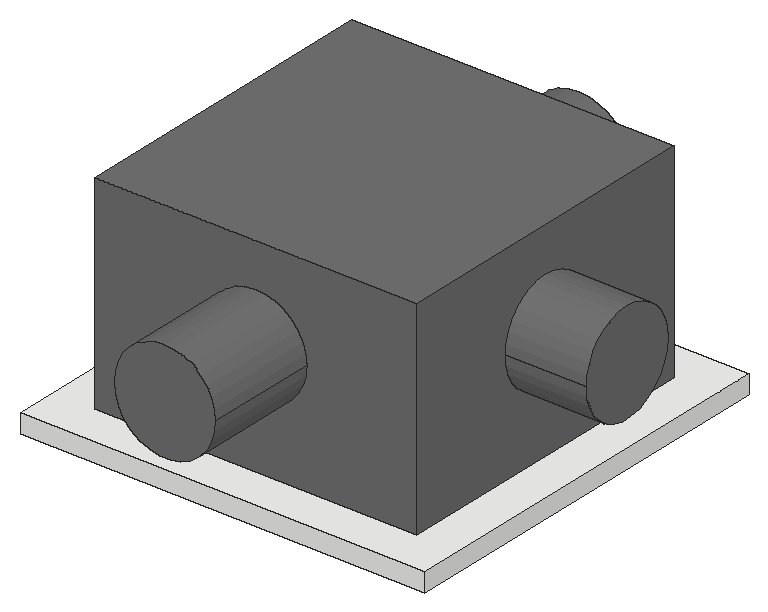
Revit family "vd-15_18zfvc7_50Hz", category 機械設備, Revit 2019
Family settings
  丸型コネクタ寸法 = 直径を使用
  パーツ タイプ = 標準
  OmniClass 番号 = 23.75.35.17.27
  OmniClass タイトル = Centrifugal Fans
  作業面ベース = いいえ
  常に垂直 = はい
  ロード時にボイドで切り取り = いいえ
  共有 = いいえ
  部屋計算ポイント = はい
Parameters (values of type "VD-18ZFVC7")
  騒音レベル(dB(A)) [instance] = 43
  風量 [instance] = 320.0 m³/h
  電源種別 [instance] = ""
  電圧 = 100 V
  電動機出力 = 0 W
  電動機_種別 [instance] = ""
  運転質量 = 0.00 kg
  連動 [instance] = ""
  質量 = if(製品質量 > 運転質量, 製品質量, 運転質量) * 1.2  # 4.44 kg
  負荷分類 = 3_ファン類
  説明 = "ダクト用換気扇 2～3部屋換気用 低騒音形 24時間換気機能付 定風量タイプ"
  設計風量 [instance] = 0.0 m³/h
  設置方法 = "天埋"
  記号 [instance] = ""
  製造元 = "三菱電機株式会社"
  製品質量 = 3.70 kg
  製品出荷対象 = "国内"
  製品リリース年月 = "2024年6月3日"
  製品グループ = ""
  系統 [instance] = ""
  符号 [instance] = if(☑給気／□排気, "FS", "FE")  # "FE"
  積算_科目 = "2 換気設備"
  積算_拾い区分 [instance] = ""
  相 = 1
  盤記号 [instance] = ""
  発停方法 [instance] = ""
  特殊仕様 [instance] = ""
  火災停止 [instance] = ""
  消費電力 = 31 W
  法定耐用年数 = "15"
  機外静圧 [instance] = 0.0 Pa
  極数 = 2
  材質 [instance] = ""
  操作・制御方式 = ""
  操作・制御スイッチ = ""
  排気量 [instance] = if(☑給気／□排気, 0.0 m³/h, 設計風量)  # 0.0 m³/h
  形式 = "天井埋込ダクト形"
  幹線記号 [instance] = ""
  対象室 [instance] = ""
  実風量 [instance] = 0.0 m³/h
  始動方式 [instance] = "直入"
  外気量 [instance] = if(☑給気／□排気, 設計風量, 0.0 m³/h)  # 0.0 m³/h
  呼称 = "天井扇"
  周波数 = 50 Hz
  参照している仕様書等のバージョン = ""
  分類コード = "50052503100030"
  分類グループ = ""
  価格 = 77100
  企業コード = "108420"
  付属品_防振装置 = ""
  付属品 [instance] = ""
  仕様書バージョン = "Version1.0"
  モデル = "VD-18ZFVC7"
  マテリアル = 合成樹脂(黒)
  ファンの種類 = ""
  ダクト径 = 100 mm
  コメント [instance] = ""
  Keynote = ""
  カバーマテリアル = 合成樹脂(白)
  ☑給気／□排気 [instance] = no
  Width = 310 mm
  W1 = 390 mm
  Version = ""
  Uniclass2015Version = "Systems v1.9"
  Uniclass2015Title = "Centrifugal fans"
  Uniclass2015Code = "Pr_65_67_29_12"
  URL = "https://www.mitsubishielectric.co.jp/ldg/wink/qr/002/333650/"
  SpecificationReference = ""
  SpecificationDescription = ""
  Revision = ""
  RAダクト接続口_3 = no
  RAダクト接続口_2 = yes
  RAダクト接続口_1 = yes
  RAサイズ_D = 98 mm
  RA_Duct_Height = 109 mm
  RA_Duct_Depth = 79 mm
  ProductInformation = ""
  OmniClassCode = "23-33 31 19 11 15"
  MIN風量 = 100.0 m³/h
  MIN静圧 = 100.0 Pa
  MID風量 = 180.0 m³/h
  MID静圧 = 160.0 Pa
  MAX風量 = 320.0 m³/h
  MAX静圧 = 0.0 Pa
  IfcTypeProduct = ""
  IfcProduct = ""
  IfcExportType = "PROPELLORAXIAL"
  IfcExportAs = "IfcFanType"
  Height = 200 mm
  H1 = 18 mm
  EAサイズ_D = 98 mm
  EA_Duct_Height = 109 mm
  EA_Duct_Depth = 109 mm
  Duct_Height = 111 mm
  Duct_Depth = 114 mm
  Duct_Center = 0 mm
  Depth = 310 mm
  D1 = 390 mm
  Box_Width = 24.336 mm
  Box_W = 104.664 mm
  Box_Height = 87 mm
  Box_H = 41.608 mm
  Author = "三菱電機株式会社"
Types (2, lengths in mm): name | 騒音レベル(dB(A)) | 風量 | 質量 | 説明 | 製品質量 | 消費電力 | 価格 | モデル | Width | W1 | URL | RAダクト接続口_2 | MIN風量 | MIN静圧 | MID風量 | MID静圧 | MAX風量 | Depth | D1
  VD-15ZFVC7 | 44 | 280.0 m³/h | 3.24 kg | "ダクト用換気扇 2部屋換気用 低騒音形 24時間換気機能付 定風量タイプ" | 2.70 kg | 26 W | 54200 | "VD-15ZFVC7" | 254 | 330 | "https://www.mitsubishielectric.co.jp/ldg/wink/qr/002/333615/" | no | 85.0 m³/h | 80.0 Pa | 160.0 m³/h | 130.0 Pa | 280.0 m³/h | 254 | 330
  VD-18ZFVC7 | 43 | 320.0 m³/h | 4.44 kg | "ダクト用換気扇 2～3部屋換気用 低騒音形 24時間換気機能付 定風量タイプ" | 3.70 kg | 31 W | 77100 | "VD-18ZFVC7" | 310 | 390 | "https://www.mitsubishielectric.co.jp/ldg/wink/qr/002/333650/" | yes | 100.0 m³/h | 100.0 Pa | 180.0 m³/h | 160.0 Pa | 320.0 m³/h | 310 | 390
Reference planes
  plane 1 "中心(正面/背面)": y = 0
  plane 2: z = 0
  plane 3 "中心(左/右)": x = 0
  plane 4: x = -195
  plane 5: x = 195
  plane 6: y = 195
  plane 7: y = -195
  plane 8: x = -155
  plane 9: x = 155
  plane 10: y = 155
  plane 11: y = -155
  plane 12: y = -264
  plane 13: z = 200
  plane 14: z = -18
  plane 15: z = 109
  plane 16: x = 0
  plane 17: y = 234
  plane 18: z = 109
  plane 19: x = 234
  plane 20: x = -234
  plane 21: z = 109
  plane 22: x = 104.664
  plane 23: x = 80.327
  plane 24: z = 23.608
  plane 25: z = 110.608
Forms (mm)
  Extrusion 1, solid, material "合成樹脂(黒)" <- "マテリアル", detail levels fine
    sketch origin (0, 0, 0) x (1, 0, 0) y (0, 1, 0)
      loop
        line (-155, 155) -> (-155, -155) -> (155, -155) -> (155, 155) -> (-155, 155)
    from 0 to 200
  Extrusion 2, solid, material "合成樹脂(白)" <- "カバーマテリアル", detail levels fine
    sketch origin (0, 0, 0) x (1, 0, 0) y (0, 1, 0)
      loop
        line (-195, 195) -> (-195, -195) -> (195, -195) -> (195, 195) -> (-195, 195)
    from 0 to -18
  Extrusion 3, solid, material "合成樹脂(黒)" <- "マテリアル", detail levels fine
    sketch origin (0, 0, 0) x (1, 0, 0) y (0, 0, 1)
      loop
        circle (0, 109) r 49
    from 155 to 264
  Extrusion 4, solid, material "合成樹脂(黒)" <- "マテリアル", visible <- "RAダクト接続口_1", detail levels fine
    sketch origin (1.655, 0, 0) x (1, 0, 0) y (0, 0, 1)
      loop
        circle (-1.655, 109) r 49
    from -234 to -155
  Extrusion 5, solid, material "合成樹脂(黒)" <- "マテリアル", visible <- "RAダクト接続口_3", detail levels fine
    sketch origin (0, 0, 0) x (0, 1, 0) y (0, 0, 1)
      loop
        circle (0, 109) r 49
    from -234 to -155
  Extrusion 6, solid, material "合成樹脂(黒)" <- "マテリアル", visible <- "RAダクト接続口_2", detail levels fine
    sketch origin (0, 0, 0) x (0, 1, 0) y (0, 0, 1)
      loop
        circle (0, 109) r 49
    from 155 to 234
Dimensions and locks
  equal spacing: plane 4, plane 3 "中心(左/右)", plane 5
  "W1": plane 4 to plane 5
  equal spacing: plane 6, plane 1 "中心(正面/背面)", plane 7
  "D1": plane 6 to plane 7
  equal spacing: plane 8, plane 3 "中心(左/右)", plane 9
  "Width": plane 8 to plane 9
  equal spacing: plane 10, plane 1 "中心(正面/背面)", plane 11
  "Depth": plane 10 to plane 11
  "EA_Duct_Depth": plane 11 to plane 12
  "Height": plane 13 to plane 2
  "EA_Duct_Height": plane 15 to plane 2
  "H1": plane 2 to plane 14
  "Duct_Center": plane 3 "中心(左/右)" to plane 16
  "RA_Duct_Height": level to plane 18
  "RA_Duct_Depth": plane 17 to plane 10
  "RA_Duct_Depth": plane 9 to plane 19
  "RA_Duct_Depth": plane 20 to plane 8
  "RA_Duct_Height": plane 21 to level
  "Box_W": plane 22 to plane 3 "中心(左/右)"
  "Box_Width": plane 22 to plane 23
  "Box_H": plane 24 to plane 14
  "Box_Height": plane 25 to plane 24
  "EAサイズ_D": diameter of Extrusion 3 sketch curve
  "RAサイズ_D": diameter of Extrusion 4 sketch curve
  "RAサイズ_D": diameter of Extrusion 6 sketch curve
  "RAサイズ_D": diameter of Extrusion 6
  aligned and locked: level to plane 2
  aligned and locked: plane 5 to Extrusion 2
  aligned and locked: plane 6 to Extrusion 2
  aligned and locked: Extrusion 2 to plane 4
  aligned and locked: Extrusion 2 to plane 7
  aligned and locked: plane 9 to Extrusion 1
  aligned and locked: Extrusion 1 to plane 11
  aligned and locked: Extrusion 1 to plane 8
  aligned and locked: plane 10 to Extrusion 1
  aligned and locked: plane 13 to Extrusion 1
  aligned and locked: Extrusion 2 to plane 14
  aligned and locked: level to Extrusion 2
  aligned and locked: Extrusion 1 to level
  aligned and locked: Extrusion 3 to plane 12
  aligned and locked: plane 11 to Extrusion 3
  aligned and locked: plane 17 to Extrusion 4
  aligned and locked: Extrusion 4 to plane 10
  aligned and locked: plane 8 to Extrusion 5
  aligned and locked: Extrusion 5 to plane 20
  aligned and locked: Extrusion 6 to plane 9
  aligned and locked: plane 19 to Extrusion 6
Automatic sketch dimensions
  Extrusion 1 sketch curve to plane 3 "中心(左/右)" = 155 mm
  plane 3 "中心(左/右)" to Extrusion 1 sketch curve = 155 mm
  Extrusion 2 sketch curve to plane 3 "中心(左/右)" = 195 mm
  plane 3 "中心(左/右)" to Extrusion 2 sketch curve = 195 mm
  plane 1 "中心(正面/背面)" to Extrusion 1 sketch curve = 155 mm
  Extrusion 1 sketch curve to plane 1 "中心(正面/背面)" = 155 mm
  plane 1 "中心(正面/背面)" to Extrusion 2 sketch curve = 195 mm
  Extrusion 2 sketch curve to plane 1 "中心(正面/背面)" = 195 mm
  Extrusion 3 sketch curve to plane 15 = 0 mm
  Extrusion 3 sketch curve to plane 16 = 0 mm
  Extrusion 4 sketch curve to plane 16 = 0 mm
  Extrusion 4 sketch curve to plane 18 = 0 mm
  Extrusion 6 sketch curve to plane 1 "中心(正面/背面)" = 0 mm
  Extrusion 6 sketch curve to plane 18 = 0 mm
  Extrusion 5 sketch curve to plane 1 "中心(正面/背面)" = 0 mm
  Extrusion 5 sketch curve to plane 18 = 0 mm
  radius of Extrusion 5 sketch curve = 49 mm
Nested families
  nested 1: "記号_天井換気扇_平面" at (0, 0, 0), type "記号_天井換気扇_平面", detail levels coarse+medium
Connectors
  hvac at (0, -264, 109), driven by "ダクト径", driven by "風量", driven by "機外静圧"
    settings: on Extrusion 3, index 1, duct flow 320.0 m³/h, flow factor 0, pres drop 0.0 Pa, loss coef 0, conn angle 0.00°, conn width 304.8 mm, conn height 304.8 mm, conn diameter 100 mm, duct sys type 3, conn prof type 0, flow config 0, flow direction 2, loss method 4, conn ref index -1, conn util no, is conn primary yes, conn desc ""
  electrical at (0, 0, 200), driven by "極数", driven by "負荷分類", driven by "電圧", driven by "消費電力"
    settings: on Extrusion 1, index 2, voltage 100 V, apparent load 31 VA, apparent load phase1 0 VA, apparent load phase2 0 VA, apparent load phase3 0 VA, power factor 1, load classification "3_ファン類", number of poles 2, system type 30, power factor state 1, is connector primary yes, connector utility no, sub classification motor no, connector description ""
  hvac at (0, 234, 109), driven by "ダクト径", driven by "機外静圧", driven by "風量"
    settings: on Extrusion 4, index 4, duct flow 320.0 m³/h, flow factor 0, pres drop 0.0 Pa, loss coef 0, conn angle 0.00°, conn width 304.8 mm, conn height 304.8 mm, conn diameter 100 mm, duct sys type 2, conn prof type 0, flow config 0, flow direction 1, loss method 4, conn ref index -1, conn util no, is conn primary no, conn desc ""
  hvac at (234, 0, 109), driven by "RAサイズ_D", driven by "機外静圧", driven by "風量"
    settings: on Extrusion 6, index 5, duct flow 320.0 m³/h, flow factor 0, pres drop 0.0 Pa, loss coef 0, conn angle 0.00°, conn width 304.8 mm, conn height 304.8 mm, conn diameter 98 mm, duct sys type 2, conn prof type 0, flow config 0, flow direction 1, loss method 4, conn ref index -1, conn util no, is conn primary no, conn desc ""
  hvac at (-234, 0, 109), driven by "RAサイズ_D", driven by "機外静圧", driven by "風量"
    settings: on Extrusion 5, index 6, duct flow 320.0 m³/h, flow factor 0, pres drop 0.0 Pa, loss coef 0, conn angle 0.00°, conn width 304.8 mm, conn height 304.8 mm, conn diameter 98 mm, duct sys type 2, conn prof type 0, flow config 0, flow direction 1, loss method 4, conn ref index -1, conn util no, is conn primary no, conn desc ""
Definition of nested family "記号_天井換気扇_平面"
  Reference planes
    plane 1: y = 0
    plane 2: x = 0
  Lines and regions (mm)
    detail lines
      curve 1: line (-2.5, 2.5, 0) -> (2.5, 2.5, 0)
      curve 2: line (-2.5, -2.5, 0) -> (-2.5, 2.5, 0)
      curve 3: line (2.5, -2.5, 0) -> (-2.5, -2.5, 0)
      curve 4: line (2.5, 2.5, 0) -> (2.5, -2.5, 0)
      curve 5: circle (-1.04, -1.04, 0) r 1.46 normal (0, 0, 1)
      curve 6: circle (1.04, 1.04, 0) r 1.46 normal (0, 0, 1)
      curve 7: line (-3.125, 3.125, 0) -> (3.125, 3.125, 0)
      curve 8: line (-3.125, -3.125, 0) -> (-3.125, 3.125, 0)
      curve 9: line (3.125, -3.125, 0) -> (-3.125, -3.125, 0)
      curve 10: line (3.125, 3.125, 0) -> (3.125, -3.125, 0)
      curve 11: circle (1.295, 1.295, 0) r 1.83 normal (0, 0, 1)
      curve 12: circle (-1.295, -1.295, 0) r 1.83 normal (0, 0, 1)
      curve 13: line (-2, 2, 0) -> (2, 2, 0)
      curve 14: line (-2, -2, 0) -> (-2, 2, 0)
      curve 15: line (2, -2, 0) -> (-2, -2, 0)
      curve 16: line (2, 2, 0) -> (2, -2, 0)
      curve 17: circle (0.84, 0.84, 0) r 1.16 normal (0, 0, 1)
      curve 18: circle (-0.84, -0.84, 0) r 1.2 normal (0, 0, 1)
